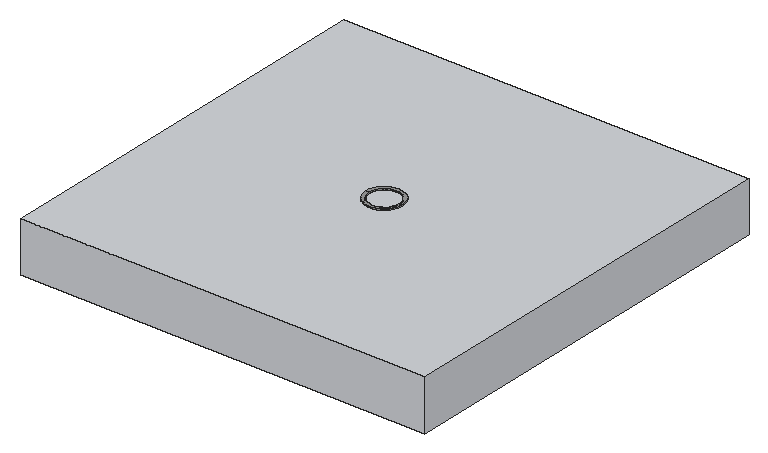
Revit family "LAMP_DOMO 220 G2 (DALI)", category Modelos genéricos, Revit 2015
Parameters (values of type "2054LM 3000")
  Weight = 1.51 kg
  Type = "MID POWER NICHIA"
  Recessed diameter = 153 mm
  Protection rating = "IP20"
  Product datasheet = "http://www.lamp.es/product-files/TECH/DO2RD20SY830DW-EN.pdf"
  Product code = "DO2RD20SY830DW"
  Product URL = "http://www.lamp.es/en/family/domo_33306"
  Power Supply = "120-240V 50-60Hz"
  Power = 21 W
  Plum = 23 W
  Photometric web file = Cuerpo Domo220 : 2054LM 3000
  Modelo = Product code  # "DO2RD20SY830DW"
  Manufacturer name = "LAMP"
  Manufacturer country = "Spain"
  Manufacturer URL = "http://www.lamp.es/en"
  MacAdam = "3"
  Luminaire type = "Indoor - Recessed Downlight"
  Last update = "30/06/2020"
  Lamp = "MID-POWER LED"
  LED Lifetime = "50.000 L90 B10"
  Insulation class = "II"
  Installation instructions = "http://www.lamp.es/product-files/INS/1003660-B-INSTR.%20DOMO%20G2.pdf"
  Initial intensity = 2054 lm
  Initial color = 3000 K
  IEE = "A+"
  Height = 103 mm
  Gear = "Adjustable DALI"
  Finish = "Matte white"
  Fabricante = Manufacturer name  # "LAMP"
  Default Elevation = 1219.2 mm
  Efficacy = 89.3 lm/W
  Diameter = 160 mm
  Descripción = "DOMO 220 G2 2000 WW DALI"
  CRI = "80"
Reference planes
  plane 1 "Centro (Frontal/Posterior)": y = 0
  plane 2: z = 0
  plane 3 "Centro (Izquierda/Derecha)": x = 0
Forms (mm)
  Extrusion 1, solid
    sketch origin (0, 0, 0) x (1, 0, 0) y (0, 1, 0)
      loop
        line (-1219.2, 1219.2) -> (-1219.2, -1219.2) -> (1219.2, -1219.2) -> (1219.2, 1219.2) -> (-1219.2, 1219.2)
    from 0 to -304.8
Text (mm)
  text "Any modification of the parameters and properties of the LAMP BIM models must be executed and validated by the LAMP technical department.\n\nPhone: +34 93 736 68 00\n\nE-mail: lamp@lamp.es\n\n\n\nLAMP reserves the right to modify the technical specifications of its products." at (14869.33, 17101.984, -15610.111), in view "Preview"
Dimensions and locks
  aligned and locked: plane 2 to Extrusion 1
  aligned and locked: level to Extrusion 1
Nested families
  nested 1: "Cuerpo Domo220" at (0, 0, 1523) x (1, 0, 0) z (0, 0, -1), type <- "Photometric web file", type "2054LM 3000"
Connectors
  electrical at (0, 0, -107)
    settings: on nested 1, index 1, voltage 230 V, apparent load 0 VA, apparent load phase1 0 VA, apparent load phase2 0 VA, apparent load phase3 0 VA, power factor 1, load classification "Otro", number of poles 1, system type 31, power factor state 1, is connector primary yes, connector utility no, sub classification motor no, connector description ""
Definition of nested family "Cuerpo Domo220"
  Parameters (values of type "2054LM 3000")
    Tilt Angle = 90.00°
    Wattage = 23 W
    built-in parameter 1150110 = 1 (stored number, unit not read)
    Material aro = none
    Material disipador = none
    Material cuerpo = none
    Material COB = none
    built-in parameter 1114217 = 1 (stored number, unit not read)
    built-in parameter 1150109 = 1 (stored number, unit not read)
    Default Elevation = 1219.2 mm
    Dist. luz = 20 mm
    Difusor transparente IP54 = no
    Difusor opal interior IP54 = no
    Difusor opal IP54 = no
    built-in parameter 1150134 = (empty or 0)
    built-in parameter 1150113 = 1 (stored number, unit not read)
    Lumens = 2053.9 lm
    built-in parameter 1150115 = 1 (stored number, unit not read)
    built-in parameter 1150105 = 1561.4 (stored number, unit not read)
    built-in parameter 1150137 = (empty or 0)
    built-in parameter 1150139 = (empty or 0)
    built-in parameter 1150112 = 1 (stored number, unit not read)
    built-in parameter 1150114 = 1 (stored number, unit not read)
    built-in parameter 1150132 = 2
    built-in parameter 1150102 = (empty or 0)
    built-in parameter 1150138 = (empty or 0)
    built-in parameter 1150107 = 3000 (stored number, unit not read)
    built-in parameter 1150106 = 15.614 (stored number, unit not read)
    built-in parameter 1150104 = 8.2962 (stored number, unit not read)
    Dimming Lamp Color Temperature Shift = (empty or 0)
    Color Filter = 16777215
    built-in parameter 1114218 = 1 (stored number, unit not read)
    Photometric Web File = "10041000.IES"
    built-in parameter 1150133 = 10 (stored number, unit not read)
  Types (25, lengths in mm): name | Wattage | Difusor transparente IP54 | Difusor opal interior IP54 | Difusor opal IP54 | built-in parameter 1150134 | Lumens | built-in parameter 1150105 | built-in parameter 1150107 | built-in parameter 1150106 | built-in parameter 1150104 | Photometric Web File
    (no name) | 23 W | no | no | no | (empty or 0) | 2053.9 lm | 1561.4 (stored number, unit not read) | 3000 (stored number, unit not read) | 15.614 (stored number, unit not read) | 8.2962 (stored number, unit not read) | "10041000.IES"
    2054LM 3000 | 23 W | no | no | no | (empty or 0) | 2053.9 lm | 1561.4 (stored number, unit not read) | 3000 (stored number, unit not read) | 15.614 (stored number, unit not read) | 8.2962 (stored number, unit not read) | "10041000.IES"
    2136LM 4000 | 23 W | no | no | no | 12 | 2136.01 lm | 1623.8 (stored number, unit not read) | 4000 (stored number, unit not read) | 16.238 (stored number, unit not read) | 8.6279 (stored number, unit not read) | "10041010.IES"
    2825LM 3000 | 32 W | no | no | no | (empty or 0) | 2825.6 lm | 2148 (stored number, unit not read) | 3000 (stored number, unit not read) | 21.48 (stored number, unit not read) | 8.2033 (stored number, unit not read) | "10041020.IES"
    2938LM 4000 | 32 W | no | no | no | 12 | 2937.6 lm | 2265.1 (stored number, unit not read) | 4000 (stored number, unit not read) | 22.651 (stored number, unit not read) | 8.5285 (stored number, unit not read) | "10041030.IES"
    3665LM 3000 | 40.5 W | no | no | no | (empty or 0) | 3665.25 lm | 2826.2 (stored number, unit not read) | 3000 (stored number, unit not read) | 28.262 (stored number, unit not read) | 8.4077 (stored number, unit not read) | "10041040.IES"
    3812LM 4000 | 40.5 W | no | no | no | 12 | 3811.05 lm | 2926.2 (stored number, unit not read) | 4000 (stored number, unit not read) | 29.262 (stored number, unit not read) | 8.7422 (stored number, unit not read) | "10041050.IES"
    1597LM 3000 OPAL GLASS ACC | 23 W | no | no | yes | (empty or 0) | 1596.2 lm | 958.72 (stored number, unit not read) | 3000 (stored number, unit not read) | 9.5872 (stored number, unit not read) | 6.4475 (stored number, unit not read) | "10041000+8606120.IES"
    1484LM 3000 INT OPAL GLASS ACC | 23 W | no | yes | no | (empty or 0) | 1483.5 lm | 891.03 (stored number, unit not read) | 3000 (stored number, unit not read) | 8.9103 (stored number, unit not read) | 5.9922 (stored number, unit not read) | "10041000+8606130.IES"
    1815LM 3000 GLASS ACC | 23 W | yes | no | no | (empty or 0) | 1814.7 lm | 1156 (stored number, unit not read) | 3000 (stored number, unit not read) | 11.56 (stored number, unit not read) | 7.33 (stored number, unit not read) | "10041000+8606140.IES"
    1661LM 4000 OPAL GLASS ACC | 23 W | no | no | yes | 12 | 1660.6 lm | 1183.3 (stored number, unit not read) | 4000 (stored number, unit not read) | 11.833 (stored number, unit not read) | 6.7076 (stored number, unit not read) | "10041010+8606120.IES"
    1544LM 4000 INT OPAL GLASS ACC | 23 W | no | yes | no | 12 | 1543.3 lm | 927 (stored number, unit not read) | 4000 (stored number, unit not read) | 9.27 (stored number, unit not read) | 6.2338 (stored number, unit not read) | "10041010+8606130.IES"
    1888LM 4000 GLASS ACC | 23 W | yes | no | no | 12 | 1888.3 lm | 1202.9 (stored number, unit not read) | 4000 (stored number, unit not read) | 12.029 (stored number, unit not read) | 7.6273 (stored number, unit not read) | "10041010+8606140.IES"
    2196LM 3000 OPAL GLASS ACC | 33 W | no | no | yes | (empty or 0) | 2194.5 lm | 1563.7 (stored number, unit not read) | 3000 (stored number, unit not read) | 15.637 (stored number, unit not read) | 6.1781 (stored number, unit not read) | "10041020+8606120.IES"
    2042LM 3000 INT OPAL GLASS ACC | 33 W | no | yes | no | (empty or 0) | 2042.37 lm | 1251.5 (stored number, unit not read) | 3000 (stored number, unit not read) | 12.515 (stored number, unit not read) | 5.7498 (stored number, unit not read) | "10041020+8606130.IES"
    2497LM 3000 GLASS ACC | 33 W | yes | no | no | (empty or 0) | 2498.1 lm | 1.9574 (stored number, unit not read) | 3000 (stored number, unit not read) | 0.019574 (stored number, unit not read) | 7.0328 (stored number, unit not read) | "10041020+8606140.IES"
    2284LM 4000 OPAL GLASS ACC | 33 W | no | no | yes | 12 | 2283.6 lm | 1.8291 (stored number, unit not read) | 4000 (stored number, unit not read) | 0.018291 (stored number, unit not read) | 6.4289 (stored number, unit not read) | "10041030+8606120.IES"
    2123LM 4000 INT OPAL GLASS ACC | 33 W | no | yes | no | 12 | 2121.9 lm | 1.6723 (stored number, unit not read) | 4000 (stored number, unit not read) | 0.016723 (stored number, unit not read) | 5.9737 (stored number, unit not read) | "10041030+8606130.IES"
    2597LM 4000 GLASS ACC | 33 W | yes | no | no | 12 | 2597.1 lm | 1.835 (stored number, unit not read) | 4000 (stored number, unit not read) | 0.01835 (stored number, unit not read) | 7.3115 (stored number, unit not read) | "10041030+8606140.IES"
    2849LM 3000 OPAL GLASS ACC | 42 W | no | no | yes | (empty or 0) | 2847.6 lm | 1710.4 (stored number, unit not read) | 3000 (stored number, unit not read) | 17.104 (stored number, unit not read) | 6.2988 (stored number, unit not read) | "10041040+8606120.IES"
    2648LM 3000 INT OPAL GLASS ACC | 42 W | no | yes | no | (empty or 0) | 2650.2 lm | 1688.2 (stored number, unit not read) | 3000 (stored number, unit not read) | 16.882 (stored number, unit not read) | 5.8622 (stored number, unit not read) | "10041040+8606130.IES"
    3239LM 3000 GLASS ACC | 42 W | yes | no | no | (empty or 0) | 3238.2 lm | 2062.8 (stored number, unit not read) | 3000 (stored number, unit not read) | 20.628 (stored number, unit not read) | 7.1628 (stored number, unit not read) | "10041040+8606140.IES"
    2963LM 4000 OPAL GLASS ACC | 42 W | no | no | yes | 12 | 2961 lm | 2109.9 (stored number, unit not read) | 4000 (stored number, unit not read) | 21.099 (stored number, unit not read) | 6.5497 (stored number, unit not read) | "10041050+8606120.IES"
    2754LM 4000 INT OPAL GLASS ACC | 42 W | no | yes | no | 12 | 2755.2 lm | 1654.9 (stored number, unit not read) | 4000 (stored number, unit not read) | 16.549 (stored number, unit not read) | 6.0944 (stored number, unit not read) | "10041050+8606130.IES"
    3369LM 4000 GLASS ACC | 42 W | yes | no | no | 12 | 3368.4 lm | 2145.8 (stored number, unit not read) | 4000 (stored number, unit not read) | 21.458 (stored number, unit not read) | 7.4508 (stored number, unit not read) | "10041050+8606140.IES"
  Reference planes
    plane 1 "Eje de origen de luz (F/P)": y = 0
    plane 2: z = 0
    plane 3 "Eje de origen de luz (I/D)": x = 0
    plane 4 "Elevación de origen de luz": z = 1500
    plane 5: z = 1520
  Forms (mm)
    Revolve 1, solid, material <- "Material aro"
      sketch origin (0, 0, 0) x (1, 0, 0) y (0, 0, 1)
        loop
          line (110, 1520) -> (110, 1523) -> (92.4, 1523) -> (89.4, 1523) -> (89.4, 1520) -> (110, 1520)
        axis (0, 1523) -> (0, 1520)
      angle from 0 to 360
    Revolve 2, solid, material <- "Material aro"
      sketch origin (0, 0, 0) x (1, 0, 0) y (0, 0, 1)
        loop
          line (89.4, 1523) -> (91.4, 1523) -> (65, 1613.8) -> (64, 1613.8) -> (63, 1613.8) -> (89.4, 1523)
        axis (0, 1613.8) -> (0, 1523)
      angle from 0 to 360
    Extrusion 3, solid
      sketch origin (0, 0, 0) x (1, 0, 0) y (0, 1, 0)
        loop
          circle (0, 0) r 63
        loop
          circle (0, 17) r 8.5
        loop
          circle (14.722, -8.5) r 8.5
        loop
          circle (-14.722, -8.5) r 8.5
        loop
          circle (-39, 0) r 8.5
        loop
          circle (-19.5, 33.775) r 8.5
        loop
          circle (39, 0) r 8.5
        loop
          circle (19.5, 33.775) r 8.5
        loop
          circle (-19.5, -33.775) r 8.5
        loop
          circle (19.5, -33.775) r 8.5
      from 1613.8 to 1614.8
    Blend 4, void
      base sketch origin (0, 0, 1500) x (0, -1, 0) y (1, 0, 0)
        loop
          circle (-33.775, -19.5) r 10
      top sketch origin (0, 0, 1500) x (0, -1, 0) y (1, 0, 0)
        loop
          circle (-33.775, -19.5) r 8.5
      from 113.8 to 114.8
    Blend 5, void
      base sketch origin (39, 0, 1500) x (0, -1, 0) y (1, 0, 0)
        loop
          circle (-33.775, -19.5) r 10
      top sketch origin (39, 0, 1500) x (0, -1, 0) y (1, 0, 0)
        loop
          circle (-33.775, -19.5) r 8.5
      from 113.8 to 114.8
    Blend 6, void
      base sketch origin (19.5, -16.775, 1500) x (0, -1, 0) y (1, 0, 0)
        loop
          circle (-33.775, -19.5) r 10
      top sketch origin (19.5, -16.775, 1500) x (0, -1, 0) y (1, 0, 0)
        loop
          circle (-33.775, -19.5) r 8.5
      from 113.8 to 114.8
    Blend 7, void
      base sketch origin (-19.5, -33.775, 1500) x (0, -1, 0) y (1, 0, 0)
        loop
          circle (-33.775, -19.5) r 10
      top sketch origin (-19.5, -33.775, 1500) x (0, -1, 0) y (1, 0, 0)
        loop
          circle (-33.775, -19.5) r 8.5
      from 113.8 to 114.8
    Blend 8, void
      base sketch origin (4.778, -42.275, 1500) x (0, -1, 0) y (1, 0, 0)
        loop
          circle (-33.775, -19.5) r 10
      top sketch origin (4.778, -42.275, 1500) x (0, -1, 0) y (1, 0, 0)
        loop
          circle (-33.775, -19.5) r 8.5
      from 113.8 to 114.8
    Blend 9, void
      base sketch origin (34.222, -42.275, 1500) x (0, -1, 0) y (1, 0, 0)
        loop
          circle (-33.775, -19.5) r 10
      top sketch origin (34.222, -42.275, 1500) x (0, -1, 0) y (1, 0, 0)
        loop
          circle (-33.775, -19.5) r 8.5
      from 113.8 to 114.8
    Blend 10, void
      base sketch origin (58.5, -33.775, 1500) x (0, -1, 0) y (1, 0, 0)
        loop
          circle (-33.775, -19.5) r 10
      top sketch origin (58.5, -33.775, 1500) x (0, -1, 0) y (1, 0, 0)
        loop
          circle (-33.775, -19.5) r 8.5
      from 113.8 to 114.8
    Blend 11, void
      base sketch origin (39, -67.55, 1500) x (0, -1, 0) y (1, 0, 0)
        loop
          circle (-33.775, -19.5) r 10
      top sketch origin (39, -67.55, 1500) x (0, -1, 0) y (1, 0, 0)
        loop
          circle (-33.775, -19.5) r 8.5
      from 113.8 to 114.8
    Blend 12, void
      base sketch origin (0, -67.55, 1500) x (0, -1, 0) y (1, 0, 0)
        loop
          circle (-33.775, -19.5) r 10
      top sketch origin (0, -67.55, 1500) x (0, -1, 0) y (1, 0, 0)
        loop
          circle (-33.775, -19.5) r 8.5
      from 113.8 to 114.8
    Extrusion 13, solid
      sketch origin (0, 0, 1500) x (0, -1, 0) y (1, 0, 0)
        loop
          circle (0, 0) r 63
      from 114.8 to 115.8
    Extrusion 14, solid, material <- "Material COB"
      sketch origin (0, 0, 1500) x (0, -1, 0) y (1, 0, 0)
        loop
          line (-35.275, -21) -> (-32.275, -21) -> (-32.275, -18) -> (-35.275, -18) -> (-35.275, -21)
        loop
          line (-40.425, -21) -> (-37.425, -21) -> (-37.425, -18) -> (-40.425, -18) -> (-40.425, -21)
        loop
          line (-27.125, -21) -> (-27.125, -18) -> (-30.125, -18) -> (-30.125, -21) -> (-27.125, -21)
        loop
          line (-35.275, -15.85) -> (-32.275, -15.85) -> (-32.275, -12.85) -> (-35.275, -12.85) -> (-35.275, -15.85)
        loop
          line (-35.275, -23.15) -> (-35.275, -26.15) -> (-32.275, -26.15) -> (-32.275, -23.15) -> (-35.275, -23.15)
        loop
          line (-35.275, 21) -> (-35.275, 18) -> (-32.275, 18) -> (-32.275, 21) -> (-35.275, 21)
        loop
          line (-40.425, 21) -> (-40.425, 18) -> (-37.425, 18) -> (-37.425, 21) -> (-40.425, 21)
        loop
          line (-27.125, 21) -> (-30.125, 21) -> (-30.125, 18) -> (-27.125, 18) -> (-27.125, 21)
        loop
          line (-35.275, 15.85) -> (-35.275, 12.85) -> (-32.275, 12.85) -> (-32.275, 15.85) -> (-35.275, 15.85)
        loop
          line (-35.275, 23.15) -> (-32.275, 23.15) -> (-32.275, 26.15) -> (-35.275, 26.15) -> (-35.275, 23.15)
        loop
          line (35.275, -21) -> (35.275, -18) -> (32.275, -18) -> (32.275, -21) -> (35.275, -21)
        loop
          line (40.425, -21) -> (40.425, -18) -> (37.425, -18) -> (37.425, -21) -> (40.425, -21)
        loop
          line (27.125, -21) -> (30.125, -21) -> (30.125, -18) -> (27.125, -18) -> (27.125, -21)
        loop
          line (35.275, -15.85) -> (35.275, -12.85) -> (32.275, -12.85) -> (32.275, -15.85) -> (35.275, -15.85)
        loop
          line (35.275, -23.15) -> (32.275, -23.15) -> (32.275, -26.15) -> (35.275, -26.15) -> (35.275, -23.15)
        loop
          line (35.275, 21) -> (32.275, 21) -> (32.275, 18) -> (35.275, 18) -> (35.275, 21)
        loop
          line (40.425, 21) -> (37.425, 21) -> (37.425, 18) -> (40.425, 18) -> (40.425, 21)
        loop
          line (27.125, 21) -> (27.125, 18) -> (30.125, 18) -> (30.125, 21) -> (27.125, 21)
        loop
          line (35.275, 15.85) -> (32.275, 15.85) -> (32.275, 12.85) -> (35.275, 12.85) -> (35.275, 15.85)
        loop
          line (35.275, 23.15) -> (35.275, 26.15) -> (32.275, 26.15) -> (32.275, 23.15) -> (35.275, 23.15)
        loop
          line (-1.5, -40.5) -> (1.5, -40.5) -> (1.5, -37.5) -> (-1.5, -37.5) -> (-1.5, -40.5)
        loop
          line (-6.65, -40.5) -> (-3.65, -40.5) -> (-3.65, -37.5) -> (-6.65, -37.5) -> (-6.65, -40.5)
        loop
          line (6.65, -40.5) -> (6.65, -37.5) -> (3.65, -37.5) -> (3.65, -40.5) -> (6.65, -40.5)
        loop
          line (-1.5, -35.35) -> (1.5, -35.35) -> (1.5, -32.35) -> (-1.5, -32.35) -> (-1.5, -35.35)
        loop
          line (-1.5, -42.65) -> (-1.5, -45.65) -> (1.5, -45.65) -> (1.5, -42.65) -> (-1.5, -42.65)
        loop
          line (-18.5, -1.5) -> (-15.5, -1.5) -> (-15.5, 1.5) -> (-18.5, 1.5) -> (-18.5, -1.5)
        loop
          line (-23.65, -1.5) -> (-20.65, -1.5) -> (-20.65, 1.5) -> (-23.65, 1.5) -> (-23.65, -1.5)
        loop
          line (-10.35, -1.5) -> (-10.35, 1.5) -> (-13.35, 1.5) -> (-13.35, -1.5) -> (-10.35, -1.5)
        loop
          line (-18.5, 3.65) -> (-15.5, 3.65) -> (-15.5, 6.65) -> (-18.5, 6.65) -> (-18.5, 3.65)
        loop
          line (-18.5, -3.65) -> (-18.5, -6.65) -> (-15.5, -6.65) -> (-15.5, -3.65) -> (-18.5, -3.65)
        loop
          line (7, -16.222) -> (10, -16.222) -> (10, -13.222) -> (7, -13.222) -> (7, -16.222)
        loop
          line (1.85, -16.222) -> (4.85, -16.222) -> (4.85, -13.222) -> (1.85, -13.222) -> (1.85, -16.222)
        loop
          line (15.15, -16.222) -> (15.15, -13.222) -> (12.15, -13.222) -> (12.15, -16.222) -> (15.15, -16.222)
        loop
          line (7, -11.072) -> (10, -11.072) -> (10, -8.072) -> (7, -8.072) -> (7, -11.072)
        loop
          line (7, -18.372) -> (7, -21.372) -> (10, -21.372) -> (10, -18.372) -> (7, -18.372)
        loop
          line (7, 13.222) -> (10, 13.222) -> (10, 16.222) -> (7, 16.222) -> (7, 13.222)
        loop
          line (1.85, 13.222) -> (4.85, 13.222) -> (4.85, 16.222) -> (1.85, 16.222) -> (1.85, 13.222)
        loop
          line (15.15, 13.222) -> (15.15, 16.222) -> (12.15, 16.222) -> (12.15, 13.222) -> (15.15, 13.222)
        loop
          line (7, 18.372) -> (10, 18.372) -> (10, 21.372) -> (7, 21.372) -> (7, 18.372)
        loop
          line (7, 11.072) -> (7, 8.072) -> (10, 8.072) -> (10, 11.072) -> (7, 11.072)
        loop
          line (-1.5, 37.5) -> (1.5, 37.5) -> (1.5, 40.5) -> (-1.5, 40.5) -> (-1.5, 37.5)
        loop
          line (-6.65, 37.5) -> (-3.65, 37.5) -> (-3.65, 40.5) -> (-6.65, 40.5) -> (-6.65, 37.5)
        loop
          line (6.65, 37.5) -> (6.65, 40.5) -> (3.65, 40.5) -> (3.65, 37.5) -> (6.65, 37.5)
        loop
          line (-1.5, 42.65) -> (1.5, 42.65) -> (1.5, 45.65) -> (-1.5, 45.65) -> (-1.5, 42.65)
        loop
          line (-1.5, 35.35) -> (-1.5, 32.35) -> (1.5, 32.35) -> (1.5, 35.35) -> (-1.5, 35.35)
      from 113.8 to 114.8
    Extrusion 15, solid, material <- "Material disipador"
      sketch origin (0, 0, 1500) x (0, -1, 0) y (1, 0, 0)
        loop
          circle (0, 0) r 69.1
      from 115.8 to 130
    Extrusion 16, solid, material <- "Material disipador"
      sketch origin (-668.047, -5000, 1520) x (-1, 0, 0) y (0, -1, 0)
        loop
          arc (-649.944, -5009.618) -> (-653.552, -5014.496) -> (-658.429, -5018.104) r 20.5
          line (-658.429, -5018.104) -> (-656.224, -5020.309)
          arc (-656.224, -5020.309) -> (-651.43, -5016.617) -> (-647.739, -5011.824) r 23.5
          line (-647.739, -5011.824) -> (-649.944, -5009.618)
        loop
          line (-662.047, -5022.721) -> (-662.047, -5019.602)
          arc (-662.047, -5019.602) -> (-668.047, -5020.5) -> (-674.047, -5019.602) r 20.5
          line (-674.047, -5019.602) -> (-674.047, -5022.721)
          arc (-674.047, -5022.721) -> (-668.047, -5023.5) -> (-662.047, -5022.721) r 23.5
        loop
          line (-686.151, -5009.618) -> (-688.356, -5011.824)
          arc (-688.356, -5011.824) -> (-684.664, -5016.617) -> (-679.871, -5020.309) r 23.5
          line (-679.871, -5020.309) -> (-677.666, -5018.104)
          arc (-677.666, -5018.104) -> (-682.543, -5014.496) -> (-686.151, -5009.618) r 20.5
        loop
          arc (-631.36, -5018.303) -> (-639.056, -5028.991) -> (-649.744, -5036.688) r 41
          line (-649.744, -5036.688) -> (-645.302, -5041.13)
          arc (-645.302, -5041.13) -> (-634.813, -5033.234) -> (-626.918, -5022.745) r 47
          line (-626.918, -5022.745) -> (-631.36, -5018.303)
        loop
          line (-655.047, -5045.166) -> (-655.047, -5038.884)
          arc (-655.047, -5038.884) -> (-668.047, -5041) -> (-681.047, -5038.884) r 41
          line (-681.047, -5038.884) -> (-681.047, -5045.166)
          arc (-681.047, -5045.166) -> (-668.047, -5047) -> (-655.047, -5045.166) r 47
        loop
          line (-704.735, -5018.303) -> (-709.177, -5022.745)
          arc (-709.177, -5022.745) -> (-701.281, -5033.234) -> (-690.792, -5041.13) r 47
          line (-690.792, -5041.13) -> (-686.351, -5036.688)
          arc (-686.351, -5036.688) -> (-697.039, -5028.991) -> (-704.735, -5018.303) r 41
        loop
          arc (-639.965, -5012.527) -> (-646.304, -5021.744) -> (-655.521, -5028.083) r 30.75
          line (-655.521, -5028.083) -> (-652.145, -5031.459)
          arc (-652.145, -5031.459) -> (-643.122, -5024.926) -> (-636.588, -5015.903) r 35.25
          line (-636.588, -5015.903) -> (-639.965, -5012.527)
        loop
          line (-657.047, -5033.49) -> (-657.047, -5028.715)
          arc (-657.047, -5028.715) -> (-668.047, -5030.75) -> (-679.047, -5028.715) r 30.75
          line (-679.047, -5028.715) -> (-679.047, -5033.49)
          arc (-679.047, -5033.49) -> (-668.047, -5035.25) -> (-657.047, -5033.49) r 35.25
        loop
          line (-696.13, -5012.527) -> (-699.506, -5015.903)
          arc (-699.506, -5015.903) -> (-692.973, -5024.926) -> (-683.95, -5031.459) r 35.25
          line (-683.95, -5031.459) -> (-680.574, -5028.083)
          arc (-680.574, -5028.083) -> (-689.791, -5021.744) -> (-696.13, -5012.527) r 30.75
        loop
          arc (-622.789, -5024.046) -> (-631.808, -5036.239) -> (-644.002, -5045.259) r 51.25
          line (-644.002, -5045.259) -> (-638.488, -5050.772)
          arc (-638.488, -5050.772) -> (-626.505, -5041.543) -> (-617.275, -5029.559) r 58.75
          line (-617.275, -5029.559) -> (-622.789, -5024.046)
        loop
          line (-653.047, -5056.803) -> (-653.047, -5049.006)
          arc (-653.047, -5049.006) -> (-668.047, -5051.25) -> (-683.047, -5049.006) r 51.25
          line (-683.047, -5049.006) -> (-683.047, -5056.803)
          arc (-683.047, -5056.803) -> (-668.047, -5058.75) -> (-653.047, -5056.803) r 58.75
        loop
          line (-713.306, -5024.046) -> (-718.82, -5029.559)
          arc (-718.82, -5029.559) -> (-709.59, -5041.543) -> (-697.607, -5050.772) r 58.75
          line (-697.607, -5050.772) -> (-692.093, -5045.259)
          arc (-692.093, -5045.259) -> (-704.287, -5036.239) -> (-713.306, -5024.046) r 51.25
        loop
          arc (-645.326, -5006) -> (-644.547, -5000) -> (-645.326, -4994) r 23.5
          line (-645.326, -4994) -> (-648.445, -4994)
          arc (-648.445, -4994) -> (-647.547, -5000) -> (-648.445, -5006) r 20.5
          line (-648.445, -5006) -> (-645.326, -5006)
        loop
          arc (-622.881, -5013) -> (-621.047, -5000) -> (-622.881, -4987) r 47
          line (-622.881, -4987) -> (-629.163, -4987)
          arc (-629.163, -4987) -> (-627.047, -5000) -> (-629.163, -5013) r 41
          line (-629.163, -5013) -> (-622.881, -5013)
        loop
          arc (-634.558, -5011) -> (-632.797, -5000) -> (-634.558, -4989) r 35.25
          line (-634.558, -4989) -> (-639.332, -4989)
          arc (-639.332, -4989) -> (-637.297, -5000) -> (-639.332, -5011) r 30.75
          line (-639.332, -5011) -> (-634.558, -5011)
        loop
          arc (-611.245, -5015) -> (-609.297, -5000) -> (-611.245, -4985) r 58.75
          line (-611.245, -4985) -> (-619.042, -4985)
          arc (-619.042, -4985) -> (-616.797, -5000) -> (-619.042, -5015) r 51.25
          line (-619.042, -5015) -> (-611.245, -5015)
        loop
          line (-649.944, -4990.382) -> (-647.739, -4988.176)
          arc (-647.739, -4988.176) -> (-651.43, -4983.383) -> (-656.224, -4979.691) r 23.5
          line (-656.224, -4979.691) -> (-658.429, -4981.896)
          arc (-658.429, -4981.896) -> (-653.552, -4985.504) -> (-649.944, -4990.382) r 20.5
        loop
          arc (-662.047, -4977.279) -> (-668.047, -4976.5) -> (-674.047, -4977.279) r 23.5
          line (-674.047, -4977.279) -> (-674.047, -4980.398)
          arc (-674.047, -4980.398) -> (-668.047, -4979.5) -> (-662.047, -4980.398) r 20.5
          line (-662.047, -4980.398) -> (-662.047, -4977.279)
        loop
          arc (-686.151, -4990.382) -> (-682.543, -4985.504) -> (-677.666, -4981.896) r 20.5
          line (-677.666, -4981.896) -> (-679.871, -4979.691)
          arc (-679.871, -4979.691) -> (-684.664, -4983.383) -> (-688.356, -4988.176) r 23.5
          line (-688.356, -4988.176) -> (-686.151, -4990.382)
        loop
          line (-631.36, -4981.697) -> (-626.918, -4977.255)
          arc (-626.918, -4977.255) -> (-634.813, -4966.766) -> (-645.302, -4958.87) r 47
          line (-645.302, -4958.87) -> (-649.744, -4963.312)
          arc (-649.744, -4963.312) -> (-639.056, -4971.009) -> (-631.36, -4981.697) r 41
        loop
          arc (-655.047, -4954.834) -> (-668.047, -4953) -> (-681.047, -4954.834) r 47
          line (-681.047, -4954.834) -> (-681.047, -4961.116)
          arc (-681.047, -4961.116) -> (-668.047, -4959) -> (-655.047, -4961.116) r 41
          line (-655.047, -4961.116) -> (-655.047, -4954.834)
        loop
          arc (-704.735, -4981.697) -> (-697.039, -4971.009) -> (-686.351, -4963.312) r 41
          line (-686.351, -4963.312) -> (-690.792, -4958.87)
          arc (-690.792, -4958.87) -> (-701.281, -4966.766) -> (-709.177, -4977.255) r 47
          line (-709.177, -4977.255) -> (-704.735, -4981.697)
        loop
          line (-639.965, -4987.473) -> (-636.588, -4984.097)
          arc (-636.588, -4984.097) -> (-643.122, -4975.074) -> (-652.145, -4968.541) r 35.25
          line (-652.145, -4968.541) -> (-655.521, -4971.917)
          arc (-655.521, -4971.917) -> (-646.304, -4978.256) -> (-639.965, -4987.473) r 30.75
        loop
          arc (-657.047, -4966.51) -> (-668.047, -4964.75) -> (-679.047, -4966.51) r 35.25
          line (-679.047, -4966.51) -> (-679.047, -4971.285)
          arc (-679.047, -4971.285) -> (-668.047, -4969.25) -> (-657.047, -4971.285) r 30.75
          line (-657.047, -4971.285) -> (-657.047, -4966.51)
        loop
          arc (-696.13, -4987.473) -> (-689.791, -4978.256) -> (-680.574, -4971.917) r 30.75
          line (-680.574, -4971.917) -> (-683.95, -4968.541)
          arc (-683.95, -4968.541) -> (-692.973, -4975.074) -> (-699.506, -4984.097) r 35.25
          line (-699.506, -4984.097) -> (-696.13, -4987.473)
        loop
          line (-622.789, -4975.954) -> (-617.275, -4970.441)
          arc (-617.275, -4970.441) -> (-626.505, -4958.457) -> (-638.488, -4949.228) r 58.75
          line (-638.488, -4949.228) -> (-644.002, -4954.741)
          arc (-644.002, -4954.741) -> (-631.808, -4963.761) -> (-622.789, -4975.954) r 51.25
        loop
          arc (-653.047, -4943.197) -> (-668.047, -4941.25) -> (-683.047, -4943.197) r 58.75
          line (-683.047, -4943.197) -> (-683.047, -4950.994)
          arc (-683.047, -4950.994) -> (-668.047, -4948.75) -> (-653.047, -4950.994) r 51.25
          line (-653.047, -4950.994) -> (-653.047, -4943.197)
        loop
          arc (-713.306, -4975.954) -> (-704.287, -4963.761) -> (-692.093, -4954.741) r 51.25
          line (-692.093, -4954.741) -> (-697.607, -4949.228)
          arc (-697.607, -4949.228) -> (-709.59, -4958.457) -> (-718.82, -4970.441) r 58.75
          line (-718.82, -4970.441) -> (-713.306, -4975.954)
        loop
          line (-690.769, -5006) -> (-687.65, -5006)
          arc (-687.65, -5006) -> (-688.547, -5000) -> (-687.65, -4994) r 20.5
          line (-687.65, -4994) -> (-690.769, -4994)
          arc (-690.769, -4994) -> (-691.547, -5000) -> (-690.769, -5006) r 23.5
        loop
          line (-713.214, -5013) -> (-706.932, -5013)
          arc (-706.932, -5013) -> (-709.047, -5000) -> (-706.932, -4987) r 41
          line (-706.932, -4987) -> (-713.214, -4987)
          arc (-713.214, -4987) -> (-715.047, -5000) -> (-713.214, -5013) r 47
        loop
          line (-701.537, -5011) -> (-696.763, -5011)
          arc (-696.763, -5011) -> (-698.797, -5000) -> (-696.763, -4989) r 30.75
          line (-696.763, -4989) -> (-701.537, -4989)
          arc (-701.537, -4989) -> (-703.297, -5000) -> (-701.537, -5011) r 35.25
        loop
          line (-724.85, -5015) -> (-717.053, -5015)
          arc (-717.053, -5015) -> (-719.297, -5000) -> (-717.053, -4985) r 51.25
          line (-717.053, -4985) -> (-724.85, -4985)
          arc (-724.85, -4985) -> (-726.797, -5000) -> (-724.85, -5015) r 58.75
      from 110 to 150
    Extrusion 17, solid, material <- "Material disipador"
      sketch origin (0, 0, 1500) x (0, -1, 0) y (1, 0, 0)
        loop
          line (-11.746, 2) -> (-30.685, 2)
          arc (-30.685, 2) -> (-30.75, 0) -> (-30.685, -2) r 30.75
          line (-30.685, -2) -> (-11.746, -2)
          arc (-11.746, -2) -> (-12, 0) -> (-11.746, 2) r 8
        loop
          line (-35.193, 2) -> (-40.951, 2)
          arc (-40.951, 2) -> (-41, 0) -> (-40.951, -2) r 41
          line (-40.951, -2) -> (-35.193, -2)
          arc (-35.193, -2) -> (-35.25, 0) -> (-35.193, 2) r 35.25
        loop
          line (-46.957, 2) -> (-51.211, 2)
          arc (-51.211, 2) -> (-51.25, 0) -> (-51.211, -2) r 51.25
          line (-51.211, -2) -> (-46.957, -2)
          arc (-46.957, -2) -> (-47, 0) -> (-46.957, 2) r 47
        loop
          line (-58.716, 2) -> (-62.968, 2)
          arc (-62.968, 2) -> (-63, 0) -> (-62.968, -2) r 63
          line (-62.968, -2) -> (-58.716, -2)
          arc (-58.716, -2) -> (-58.75, 0) -> (-58.716, 2) r 58.75
        loop
          arc (11.746, 2) -> (12, 0) -> (11.746, -2) r 8
          line (11.746, -2) -> (30.685, -2)
          arc (30.685, -2) -> (30.75, 0) -> (30.685, 2) r 30.75
          line (30.685, 2) -> (11.746, 2)
        loop
          arc (35.193, 2) -> (35.25, 0) -> (35.193, -2) r 35.25
          line (35.193, -2) -> (40.951, -2)
          arc (40.951, -2) -> (41, 0) -> (40.951, 2) r 41
          line (40.951, 2) -> (35.193, 2)
        loop
          arc (46.957, 2) -> (47, 0) -> (46.957, -2) r 47
          line (46.957, -2) -> (51.211, -2)
          arc (51.211, -2) -> (51.25, 0) -> (51.211, 2) r 51.25
          line (51.211, 2) -> (46.957, 2)
        loop
          arc (58.716, 2) -> (58.75, 0) -> (58.716, -2) r 58.75
          line (58.716, -2) -> (62.968, -2)
          arc (62.968, -2) -> (63, 0) -> (62.968, 2) r 63
          line (62.968, 2) -> (58.716, 2)
        loop
          line (-6.891, 9.72) -> (-20.283, 23.112)
          arc (-20.283, 23.112) -> (-21.744, 21.744) -> (-23.112, 20.283) r 30.75
          line (-23.112, 20.283) -> (-9.72, 6.891)
          arc (-9.72, 6.891) -> (-8.485, 8.485) -> (-6.891, 9.72) r 8
        loop
          line (-23.471, 26.3) -> (-27.543, 30.371)
          arc (-27.543, 30.371) -> (-28.991, 28.991) -> (-30.371, 27.543) r 41
          line (-30.371, 27.543) -> (-26.3, 23.471)
          arc (-26.3, 23.471) -> (-24.926, 24.926) -> (-23.471, 26.3) r 35.25
        loop
          line (-31.79, 34.618) -> (-34.797, 37.626)
          arc (-34.797, 37.626) -> (-36.239, 36.239) -> (-37.626, 34.797) r 51.25
          line (-37.626, 34.797) -> (-34.618, 31.79)
          arc (-34.618, 31.79) -> (-33.234, 33.234) -> (-31.79, 34.618) r 47
        loop
          line (-40.104, 42.933) -> (-43.111, 45.939)
          arc (-43.111, 45.939) -> (-44.548, 44.548) -> (-45.939, 43.111) r 63
          line (-45.939, 43.111) -> (-42.933, 40.104)
          arc (-42.933, 40.104) -> (-41.543, 41.543) -> (-40.104, 42.933) r 58.75
        loop
          arc (9.72, -6.891) -> (8.485, -8.485) -> (6.891, -9.72) r 8
          line (6.891, -9.72) -> (20.283, -23.112)
          arc (20.283, -23.112) -> (21.744, -21.744) -> (23.112, -20.283) r 30.75
          line (23.112, -20.283) -> (9.72, -6.891)
        loop
          arc (26.3, -23.471) -> (24.926, -24.926) -> (23.471, -26.3) r 35.25
          line (23.471, -26.3) -> (27.543, -30.371)
          arc (27.543, -30.371) -> (28.991, -28.991) -> (30.371, -27.543) r 41
          line (30.371, -27.543) -> (26.3, -23.471)
        loop
          arc (34.618, -31.79) -> (33.234, -33.234) -> (31.79, -34.618) r 47
          line (31.79, -34.618) -> (34.797, -37.626)
          arc (34.797, -37.626) -> (36.239, -36.239) -> (37.626, -34.797) r 51.25
          line (37.626, -34.797) -> (34.618, -31.79)
        loop
          arc (42.933, -40.104) -> (41.543, -41.543) -> (40.104, -42.933) r 58.75
          line (40.104, -42.933) -> (43.111, -45.939)
          arc (43.111, -45.939) -> (44.548, -44.548) -> (45.939, -43.111) r 63
          line (45.939, -43.111) -> (42.933, -40.104)
        loop
          arc (-6.891, -9.72) -> (-8.485, -8.485) -> (-9.72, -6.891) r 8
          line (-9.72, -6.891) -> (-23.112, -20.283)
          arc (-23.112, -20.283) -> (-21.744, -21.744) -> (-20.283, -23.112) r 30.75
          line (-20.283, -23.112) -> (-6.891, -9.72)
        loop
          arc (-23.471, -26.3) -> (-24.926, -24.926) -> (-26.3, -23.471) r 35.25
          line (-26.3, -23.471) -> (-30.371, -27.543)
          arc (-30.371, -27.543) -> (-28.991, -28.991) -> (-27.543, -30.371) r 41
          line (-27.543, -30.371) -> (-23.471, -26.3)
        loop
          arc (-31.79, -34.618) -> (-33.234, -33.234) -> (-34.618, -31.79) r 47
          line (-34.618, -31.79) -> (-37.626, -34.797)
          arc (-37.626, -34.797) -> (-36.239, -36.239) -> (-34.797, -37.626) r 51.25
          line (-34.797, -37.626) -> (-31.79, -34.618)
        loop
          arc (-40.104, -42.933) -> (-41.543, -41.543) -> (-42.933, -40.104) r 58.75
          line (-42.933, -40.104) -> (-45.939, -43.111)
          arc (-45.939, -43.111) -> (-44.548, -44.548) -> (-43.111, -45.939) r 63
          line (-43.111, -45.939) -> (-40.104, -42.933)
        loop
          line (9.72, 6.891) -> (23.112, 20.283)
          arc (23.112, 20.283) -> (21.744, 21.744) -> (20.283, 23.112) r 30.75
          line (20.283, 23.112) -> (6.891, 9.72)
          arc (6.891, 9.72) -> (8.485, 8.485) -> (9.72, 6.891) r 8
        loop
          line (26.3, 23.471) -> (30.371, 27.543)
          arc (30.371, 27.543) -> (28.991, 28.991) -> (27.543, 30.371) r 41
          line (27.543, 30.371) -> (23.471, 26.3)
          arc (23.471, 26.3) -> (24.926, 24.926) -> (26.3, 23.471) r 35.25
        loop
          line (34.618, 31.79) -> (37.626, 34.797)
          arc (37.626, 34.797) -> (36.239, 36.239) -> (34.797, 37.626) r 51.25
          line (34.797, 37.626) -> (31.79, 34.618)
          arc (31.79, 34.618) -> (33.234, 33.234) -> (34.618, 31.79) r 47
        loop
          line (42.933, 40.104) -> (45.939, 43.111)
          arc (45.939, 43.111) -> (44.548, 44.548) -> (43.111, 45.939) r 63
          line (43.111, 45.939) -> (40.104, 42.933)
          arc (40.104, 42.933) -> (41.543, 41.543) -> (42.933, 40.104) r 58.75
        loop
          line (2, 11.746) -> (2, 30.685)
          arc (2, 30.685) -> (0, 30.75) -> (-2, 30.685) r 30.75
          line (-2, 30.685) -> (-2, 11.746)
          arc (-2, 11.746) -> (0, 12) -> (2, 11.746) r 8
        loop
          line (2, 35.193) -> (2, 40.951)
          arc (2, 40.951) -> (0, 41) -> (-2, 40.951) r 41
          line (-2, 40.951) -> (-2, 35.193)
          arc (-2, 35.193) -> (0, 35.25) -> (2, 35.193) r 35.25
        loop
          line (2, 46.957) -> (2, 51.211)
          arc (2, 51.211) -> (0, 51.25) -> (-2, 51.211) r 51.25
          line (-2, 51.211) -> (-2, 46.957)
          arc (-2, 46.957) -> (0, 47) -> (2, 46.957) r 47
        loop
          line (2, 58.716) -> (2, 62.968)
          arc (2, 62.968) -> (0, 63) -> (-2, 62.968) r 63
          line (-2, 62.968) -> (-2, 58.716)
          arc (-2, 58.716) -> (0, 58.75) -> (2, 58.716) r 58.75
        loop
          arc (2, -11.746) -> (0, -12) -> (-2, -11.746) r 8
          line (-2, -11.746) -> (-2, -30.685)
          arc (-2, -30.685) -> (0, -30.75) -> (2, -30.685) r 30.75
          line (2, -30.685) -> (2, -11.746)
        loop
          arc (2, -35.193) -> (0, -35.25) -> (-2, -35.193) r 35.25
          line (-2, -35.193) -> (-2, -40.951)
          arc (-2, -40.951) -> (0, -41) -> (2, -40.951) r 41
          line (2, -40.951) -> (2, -35.193)
        loop
          arc (2, -46.957) -> (0, -47) -> (-2, -46.957) r 47
          line (-2, -46.957) -> (-2, -51.211)
          arc (-2, -51.211) -> (0, -51.25) -> (2, -51.211) r 51.25
          line (2, -51.211) -> (2, -46.957)
        loop
          arc (2, -58.716) -> (0, -58.75) -> (-2, -58.716) r 58.75
          line (-2, -58.716) -> (-2, -62.968)
          arc (-2, -62.968) -> (0, -63) -> (2, -62.968) r 63
          line (2, -62.968) -> (2, -58.716)
      from 130 to 140
    Revolve 18, solid, material <- "Material cuerpo"
      sketch origin (0, 0, 0) x (1, 0, 0) y (0, 0, 1)
        loop
          line (64.419, 1615.8) -> (91.4, 1523) -> (92.4, 1523) -> (65.419, 1615.8) -> (64.419, 1615.8)
        axis (0, 1615.8) -> (0, 1523)
      angle from 0 to 360
    Extrusion 19, solid, material <- "Material disipador"
      sketch origin (0, 0, 1500) x (0, -1, 0) y (1, 0, 0)
        loop
          line (3.85, -9.732) -> (3.85, -6.881) -> (-2.851, -4.575) -> (3.799, -2.287) -> (3.799, -0.081) -> (-2.891, -0.081) -> (-0.886, 1.924) -> (-2.891, 3.93) -> (3.85, 3.93) -> (3.85, 7.129) -> (-2.943, 7.129) -> (-2.943, 9.545) -> (-0.929, 9.545) -> (-0.929, 7.626)
          arc (-0.929, 7.626) -> (-0.527, 7.224) -> (-0.124, 7.626) r 0.403
          line (-0.124, 7.626) -> (-0.124, 10.351) -> (-3.748, 10.351) -> (-3.748, 6.324) -> (3.055, 6.324) -> (3.055, 4.749) -> (-3.007, 4.749)
          arc (-3.007, 4.749) -> (-3.819, 4.165) -> (-3.523, 3.209) r 0.856
          line (-3.523, 3.209) -> (-2.238, 1.924) -> (-3.523, 0.639)
          arc (-3.523, 0.639) -> (-3.819, -0.316) -> (-3.007, -0.9) r 0.856
          line (-3.007, -0.9) -> (2.592, -0.9)
          arc (2.592, -0.9) -> (3.047, -1.286) -> (2.742, -1.799) r 0.462
          line (2.742, -1.799) -> (-3.233, -3.854)
          arc (-3.233, -3.854) -> (-3.748, -4.575) -> (-3.233, -5.297) r 0.763
          line (-3.233, -5.297) -> (3.055, -7.459) -> (3.055, -8.927) -> (-3.388, -8.927)
          arc (-3.388, -8.927) -> (-3.791, -9.33) -> (-3.388, -9.732) r 0.403
          line (-3.388, -9.732) -> (3.85, -9.732)
      from 130 to 131
  Cuts and joins
    Blend 4, Blend 5, Blend 6, Blend 7, Blend 8, Blend 9, Blend 10, Blend 11, Blend 12 cuts Extrusion 3
  Dimensions and locks
    "Dist. luz": plane 5 to plane 4 "Elevación de origen de luz"
    aligned and locked: plane 3 "Eje de origen de luz (I/D)" to imposter light
    aligned and locked: plane 1 "Eje de origen de luz (F/P)" to imposter light
    aligned and locked: plane 4 "Elevación de origen de luz" to imposter light
    aligned and locked: level to plane 2
  Automatic sketch dimensions
    Revolve 2 sketch curve to plane 3 "Eje de origen de luz (I/D)" = 0 mm
    plane 3 "Eje de origen de luz (I/D)" to Revolve 2 sketch curve = 63 mm
    Revolve 2 sketch curve to Revolve 2 sketch curve = 1 mm  (x2)
    plane 5 to Revolve 2 sketch curve = 3 mm
    plane 3 "Eje de origen de luz (I/D)" to Revolve 2 sketch curve = 89.4 mm
    Revolve 2 sketch curve to Revolve 2 sketch curve = 2 mm
    plane 5 to Revolve 2 sketch curve = 93.8 mm
    Revolve 2 sketch curve to level = 271.696 mm
    Revolve 2 sketch curve to Revolve 2 sketch curve = 88.826 mm
    plane 1 "Eje de origen de luz (F/P)" to Extrusion 3 sketch curve = 0 mm  (x3)
    Extrusion 3 sketch curve to plane 3 "Eje de origen de luz (I/D)" = 0 mm  (x2)
    Extrusion 3 sketch curve to plane 3 "Eje de origen de luz (I/D)" = 14.722 mm
    Extrusion 3 sketch curve to plane 3 "Eje de origen de luz (I/D)" = 19.5 mm  (x2)
    Extrusion 3 sketch curve to Extrusion 3 sketch curve = 24.278 mm  (x2)
    plane 3 "Eje de origen de luz (I/D)" to Extrusion 3 sketch curve = 14.722 mm
    plane 3 "Eje de origen de luz (I/D)" to Extrusion 3 sketch curve = 19.5 mm  (x2)
    plane 1 "Eje de origen de luz (F/P)" to Extrusion 3 sketch curve = 8.5 mm  (x2)
    Extrusion 3 sketch curve to Extrusion 3 sketch curve = 25.275 mm  (x2)
    Extrusion 3 sketch curve to plane 1 "Eje de origen de luz (F/P)" = 17 mm
    Extrusion 3 sketch curve to Extrusion 3 sketch curve = 16.775 mm  (x2)
    Blend 4 sketch curve to plane 1 "Eje de origen de luz (F/P)" = 33.775 mm  (x2)
    Blend 4 sketch curve to plane 3 "Eje de origen de luz (I/D)" = 19.5 mm  (x2)
    Blend 5 sketch curve to plane 1 "Eje de origen de luz (F/P)" = 33.775 mm  (x2)
    plane 3 "Eje de origen de luz (I/D)" to Blend 5 sketch curve = 19.5 mm  (x2)
    Blend 6 sketch curve to plane 3 "Eje de origen de luz (I/D)" = 0 mm  (x2)
    Blend 6 sketch curve to plane 1 "Eje de origen de luz (F/P)" = 17 mm  (x2)
    plane 1 "Eje de origen de luz (F/P)" to Blend 7 sketch curve = 0 mm  (x2)
    Blend 7 sketch curve to plane 3 "Eje de origen de luz (I/D)" = 39 mm  (x2)
    plane 1 "Eje de origen de luz (F/P)" to Blend 8 sketch curve = 8.5 mm  (x2)
    Blend 8 sketch curve to plane 3 "Eje de origen de luz (I/D)" = 14.722 mm  (x2)
    plane 1 "Eje de origen de luz (F/P)" to Blend 9 sketch curve = 8.5 mm  (x2)
    plane 3 "Eje de origen de luz (I/D)" to Blend 9 sketch curve = 14.722 mm  (x2)
    plane 1 "Eje de origen de luz (F/P)" to Blend 10 sketch curve = 0 mm  (x2)
    plane 3 "Eje de origen de luz (I/D)" to Blend 10 sketch curve = 39 mm  (x2)
    plane 1 "Eje de origen de luz (F/P)" to Blend 11 sketch curve = 33.775 mm  (x2)
    plane 3 "Eje de origen de luz (I/D)" to Blend 11 sketch curve = 19.5 mm  (x2)
    plane 1 "Eje de origen de luz (F/P)" to Blend 12 sketch curve = 33.775 mm  (x2)
    Blend 12 sketch curve to plane 3 "Eje de origen de luz (I/D)" = 19.5 mm  (x2)
    plane 1 "Eje de origen de luz (F/P)" to Extrusion 13 sketch curve = 0 mm
    Extrusion 13 sketch curve to plane 3 "Eje de origen de luz (I/D)" = 0 mm
    Extrusion 14 sketch curve to plane 1 "Eje de origen de luz (F/P)" = 40.425 mm
    Extrusion 14 sketch curve to Extrusion 14 sketch curve = 0 mm  (x31)
    Extrusion 14 sketch curve to Extrusion 14 sketch curve = 3 mm  (x66)
    Extrusion 14 sketch curve to Extrusion 14 sketch curve = 2.15 mm  (x49)
    Extrusion 14 sketch curve to plane 3 "Eje de origen de luz (I/D)" = 1.5 mm  (x3)
    Extrusion 14 sketch curve to Extrusion 14 sketch curve = 8.625 mm
    Extrusion 14 sketch curve to plane 1 "Eje de origen de luz (F/P)" = 6.65 mm  (x2)
    Extrusion 14 sketch curve to plane 1 "Eje de origen de luz (F/P)" = 1.5 mm  (x6)
    plane 1 "Eje de origen de luz (F/P)" to Extrusion 14 sketch curve = 1.5 mm  (x6)
    plane 1 "Eje de origen de luz (F/P)" to Extrusion 14 sketch curve = 1.85 mm  (x2)
    Extrusion 14 sketch curve to Extrusion 14 sketch curve = 11.975 mm  (x2)
    Extrusion 14 sketch curve to plane 3 "Eje de origen de luz (I/D)" = 8.072 mm
    Extrusion 14 sketch curve to plane 3 "Eje de origen de luz (I/D)" = 12.85 mm  (x2)
    Extrusion 14 sketch curve to Extrusion 14 sketch curve = 10.978 mm  (x2)
    plane 3 "Eje de origen de luz (I/D)" to Extrusion 14 sketch curve = 1.5 mm  (x3)
    plane 3 "Eje de origen de luz (I/D)" to Extrusion 14 sketch curve = 8.072 mm
    plane 3 "Eje de origen de luz (I/D)" to Extrusion 14 sketch curve = 12.85 mm  (x2)
    plane 1 "Eje de origen de luz (F/P)" to Extrusion 15 sketch curve = 0 mm
    Extrusion 15 sketch curve to plane 3 "Eje de origen de luz (I/D)" = 0 mm
    Extrusion 16 sketch curve to Extrusion 16 sketch curve = 0 mm  (x126)
    plane 1 "Eje de origen de luz (F/P)" to Extrusion 16 sketch curve = 0 mm
    Extrusion 16 sketch curve to plane 3 "Eje de origen de luz (I/D)" = 0 mm
    plane 3 "Eje de origen de luz (I/D)" to Extrusion 16 sketch curve = 6 mm  (x2)
    Extrusion 16 sketch curve to Extrusion 16 sketch curve = 3.618 mm  (x8)
    plane 3 "Eje de origen de luz (I/D)" to Extrusion 16 sketch curve = 11 mm
    Extrusion 16 sketch curve to Extrusion 16 sketch curve = 5 mm
    Extrusion 16 sketch curve to Extrusion 16 sketch curve = 2.205 mm  (x12)
    Extrusion 16 sketch curve to Extrusion 16 sketch curve = 1.527 mm  (x5)
    Extrusion 16 sketch curve to Extrusion 16 sketch curve = 2 mm  (x9)
    Extrusion 16 sketch curve to Extrusion 16 sketch curve = 3.376 mm  (x12)
    Extrusion 16 sketch curve to Extrusion 16 sketch curve = 8.485 mm  (x4)
    Extrusion 16 sketch curve to Extrusion 16 sketch curve = 5.303 mm  (x5)
    Extrusion 16 sketch curve to Extrusion 16 sketch curve = 1.499 mm  (x5)
    Extrusion 16 sketch curve to Extrusion 16 sketch curve = 3.119 mm  (x4)
    Extrusion 16 sketch curve to Extrusion 16 sketch curve = 4.442 mm  (x12)
    Extrusion 16 sketch curve to Extrusion 16 sketch curve = 1.301 mm  (x6)
    Extrusion 16 sketch curve to plane 1 "Eje de origen de luz (F/P)" = 12.527 mm  (x2)
    Extrusion 16 sketch curve to Extrusion 16 sketch curve = 7.774 mm  (x4)
    plane 1 "Eje de origen de luz (F/P)" to Extrusion 16 sketch curve = 12.527 mm  (x2)
    Extrusion 16 sketch curve to Extrusion 16 sketch curve = 0.632 mm  (x6)
    Extrusion 16 sketch curve to Extrusion 16 sketch curve = 5.513 mm  (x12)
    Extrusion 16 sketch curve to Extrusion 16 sketch curve = 4.775 mm  (x3)
    plane 1 "Eje de origen de luz (F/P)" to Extrusion 16 sketch curve = 18.303 mm  (x2)
    Extrusion 16 sketch curve to Extrusion 16 sketch curve = 5.229 mm  (x4)
    Extrusion 16 sketch curve to plane 1 "Eje de origen de luz (F/P)" = 18.303 mm  (x2)
    Extrusion 16 sketch curve to Extrusion 16 sketch curve = 2.197 mm  (x6)
    Extrusion 16 sketch curve to Extrusion 16 sketch curve = 6.282 mm  (x4)
    Extrusion 16 sketch curve to Extrusion 16 sketch curve = 4.129 mm  (x6)
    Extrusion 16 sketch curve to Extrusion 16 sketch curve = 3.839 mm  (x6)
    Extrusion 16 sketch curve to Extrusion 16 sketch curve = 7.797 mm  (x4)
    Extrusion 16 sketch curve to plane 3 "Eje de origen de luz (I/D)" = 6 mm  (x2)
    Extrusion 16 sketch curve to plane 3 "Eje de origen de luz (I/D)" = 11 mm  (x2)
    Extrusion 16 sketch curve to Extrusion 16 sketch curve = 5.407 mm
    Extrusion 16 sketch curve to Extrusion 16 sketch curve = 5.994 mm
    Extrusion 16 sketch curve to Extrusion 16 sketch curve = 2.412 mm  (x2)
    Extrusion 16 sketch curve to Extrusion 16 sketch curve = 9.046 mm  (x2)
    Extrusion 16 sketch curve to Extrusion 16 sketch curve = 4.903 mm
    Revolve 1 sketch curve to plane 3 "Eje de origen de luz (I/D)" = 0 mm
    Revolve 1 sketch curve to plane 5 = 0 mm
    plane 3 "Eje de origen de luz (I/D)" to Revolve 1 sketch curve = 89.4 mm
    plane 5 to Revolve 1 sketch curve = 3 mm
    Revolve 1 sketch curve to Revolve 1 sketch curve = 20.6 mm
    Revolve 1 sketch curve to Revolve 1 sketch curve = 3 mm
    Revolve 1 sketch curve to level = 271.696 mm
    plane 5 to Revolve 1 sketch curve = 182.626 mm
    Revolve 18 sketch curve to plane 3 "Eje de origen de luz (I/D)" = 0 mm
    plane 3 "Eje de origen de luz (I/D)" to Revolve 18 sketch curve = 64.419 mm
    Revolve 18 sketch curve to Revolve 18 sketch curve = 1 mm  (x2)
    plane 5 to Revolve 18 sketch curve = 3 mm
    plane 3 "Eje de origen de luz (I/D)" to Revolve 18 sketch curve = 91.4 mm
    plane 5 to Revolve 18 sketch curve = 95.8 mm
    Revolve 18 sketch curve to level = 271.696 mm
    Revolve 18 sketch curve to Revolve 18 sketch curve = 86.826 mm
    Extrusion 17 sketch curve to Extrusion 17 sketch curve = 0 mm  (x118)
    Extrusion 17 sketch curve to Extrusion 17 sketch curve = 1.172 mm  (x4)
    Extrusion 17 sketch curve to Extrusion 17 sketch curve = 2.828 mm  (x36)
    plane 1 "Eje de origen de luz (F/P)" to Extrusion 17 sketch curve = 0 mm
    Extrusion 17 sketch curve to plane 3 "Eje de origen de luz (I/D)" = 0 mm
    Extrusion 17 sketch curve to plane 1 "Eje de origen de luz (F/P)" = 2 mm  (x8)
    Extrusion 17 sketch curve to Extrusion 17 sketch curve = 4.891 mm  (x8)
    Extrusion 17 sketch curve to Extrusion 17 sketch curve = 2.026 mm  (x6)
    plane 3 "Eje de origen de luz (I/D)" to Extrusion 17 sketch curve = 2 mm  (x8)
    Extrusion 17 sketch curve to Extrusion 17 sketch curve = 18.283 mm  (x8)
    Extrusion 17 sketch curve to Extrusion 17 sketch curve = 3.188 mm  (x8)
    Extrusion 17 sketch curve to Extrusion 17 sketch curve = 4.072 mm  (x8)
    Extrusion 17 sketch curve to Extrusion 17 sketch curve = 7.573 mm  (x4)
    Extrusion 17 sketch curve to Extrusion 17 sketch curve = 4.247 mm  (x8)
    Extrusion 17 sketch curve to Extrusion 17 sketch curve = 3.008 mm  (x8)
    Extrusion 17 sketch curve to Extrusion 17 sketch curve = 4.508 mm  (x4)
    Extrusion 17 sketch curve to plane 3 "Eje de origen de luz (I/D)" = 2 mm  (x6)
    Extrusion 17 sketch curve to Extrusion 17 sketch curve = 5.307 mm  (x8)
    Extrusion 17 sketch curve to Extrusion 17 sketch curve = 5.758 mm  (x4)
    Extrusion 17 sketch curve to Extrusion 17 sketch curve = 3.007 mm  (x8)
    Extrusion 17 sketch curve to Extrusion 17 sketch curve = 6.006 mm  (x4)
    Extrusion 17 sketch curve to Extrusion 17 sketch curve = 4.254 mm  (x4)
    Extrusion 17 sketch curve to Extrusion 17 sketch curve = 7.505 mm  (x4)
    Extrusion 17 sketch curve to Extrusion 17 sketch curve = 4.252 mm  (x4)
    plane 1 "Eje de origen de luz (F/P)" to Extrusion 17 sketch curve = 2 mm  (x8)
    Extrusion 19 sketch curve to plane 1 "Eje de origen de luz (F/P)" = 3.748 mm
    plane 3 "Eje de origen de luz (I/D)" to Extrusion 19 sketch curve = 0.639 mm
    Extrusion 19 sketch curve to plane 1 "Eje de origen de luz (F/P)" = 3.523 mm
    Extrusion 19 sketch curve to Extrusion 19 sketch curve = 0 mm  (x4)
    Extrusion 19 sketch curve to plane 1 "Eje de origen de luz (F/P)" = 3.388 mm
    Extrusion 19 sketch curve to plane 1 "Eje de origen de luz (F/P)" = 3.233 mm
    Extrusion 19 sketch curve to plane 3 "Eje de origen de luz (I/D)" = 0.044 mm
    Extrusion 19 sketch curve to Extrusion 19 sketch curve = 0.516 mm  (x2)
    Extrusion 19 sketch curve to Extrusion 19 sketch curve = 0.248 mm
    Extrusion 19 sketch curve to Extrusion 19 sketch curve = 0.805 mm  (x3)
    Extrusion 19 sketch curve to Extrusion 19 sketch curve = 0.115 mm  (x2)
    Extrusion 19 sketch curve to plane 3 "Eje de origen de luz (I/D)" = 0.081 mm
    Extrusion 19 sketch curve to Extrusion 19 sketch curve = 0.135 mm
    Extrusion 19 sketch curve to Extrusion 19 sketch curve = 1.285 mm  (x2)
    Extrusion 19 sketch curve to plane 1 "Eje de origen de luz (F/P)" = 0.929 mm
    Extrusion 19 sketch curve to plane 1 "Eje de origen de luz (F/P)" = 0.886 mm
    Extrusion 19 sketch curve to Extrusion 19 sketch curve = 0.403 mm  (x2)
    plane 1 "Eje de origen de luz (F/P)" to Extrusion 19 sketch curve = 2.592 mm
    Extrusion 19 sketch curve to plane 3 "Eje de origen de luz (I/D)" = 1.799 mm
    Extrusion 19 sketch curve to Extrusion 19 sketch curve = 0.15 mm
    plane 1 "Eje de origen de luz (F/P)" to Extrusion 19 sketch curve = 3.055 mm  (x2)
    Extrusion 19 sketch curve to Extrusion 19 sketch curve = 1.057 mm
    Extrusion 19 sketch curve to Extrusion 19 sketch curve = 0.795 mm  (x2)
    Extrusion 19 sketch curve to Extrusion 19 sketch curve = 0.488 mm
    Extrusion 19 sketch curve to Extrusion 19 sketch curve = 2.954 mm
    Extrusion 19 sketch curve to Extrusion 19 sketch curve = 0.721 mm
    Extrusion 19 sketch curve to Extrusion 19 sketch curve = 4.593 mm
    Extrusion 19 sketch curve to Extrusion 19 sketch curve = 0.578 mm
    Extrusion 19 sketch curve to Extrusion 19 sketch curve = 3.631 mm
    Extrusion 19 sketch curve to Extrusion 19 sketch curve = 0.037 mm
    Extrusion 19 sketch curve to Extrusion 19 sketch curve = 1.575 mm
    Extrusion 19 sketch curve to Extrusion 19 sketch curve = 0.497 mm
    Extrusion 19 sketch curve to Extrusion 19 sketch curve = 1.919 mm
    radius of Extrusion 3 sketch curve = 63 mm
    radius of Extrusion 3 sketch curve = 8.5 mm  (x9)
    radius of Blend 4 sketch curve = 10 mm
    radius of Blend 4 sketch curve = 8.5 mm
    radius of Blend 5 sketch curve = 10 mm
    radius of Blend 5 sketch curve = 8.5 mm
    radius of Blend 6 sketch curve = 10 mm
    radius of Blend 6 sketch curve = 8.5 mm
    radius of Blend 7 sketch curve = 10 mm
    radius of Blend 7 sketch curve = 8.5 mm
    radius of Blend 8 sketch curve = 10 mm
    radius of Blend 8 sketch curve = 8.5 mm
    radius of Blend 9 sketch curve = 10 mm
    radius of Blend 9 sketch curve = 8.5 mm
    radius of Blend 10 sketch curve = 10 mm
    radius of Blend 10 sketch curve = 8.5 mm
    radius of Blend 11 sketch curve = 10 mm
    radius of Blend 11 sketch curve = 8.5 mm
    radius of Blend 12 sketch curve = 10 mm
    radius of Blend 12 sketch curve = 8.5 mm
    radius of Extrusion 13 sketch curve = 63 mm
    radius of Extrusion 15 sketch curve = 69.1 mm
  Nested families
    nested 1: "LAMP_ARO IP54 860614X" at (0, 0, 1520) x (1, 0, 0) z (0, 0, -1), visible <- "Difusor transparente IP54", type "WHITE"
    nested 2: "LAMP_ARO IP54 OPAL 860612X" at (0, 0, 1517), visible <- "Difusor opal IP54", type "WHITE"
    nested 3: "LAMP_DOMO ACC OPAL INT" at (0, -2, 1613.8) x (0, 1, 0) z (0, 0, -1), visible <- "Difusor opal interior IP54", type "WHITE"
  Definition of nested family "LAMP_ARO IP54 860614X"
    Parameters (values of type "WHITE")
      Weight = 0.218 kg
      Protection rating = "IP54"
      Product datasheet = "http://www.lamp.es/product-files/TECH/8606140-EN.pdf"
      Product code = "8606140"
      Model = Product code  # "8606140"
      Model explanation = "Availability of switching between accessories through visibility parameters when placed in a project."
      Material Cristal = none
      Material Aro = none
      Manufacturer name = "LAMP"
      Manufacturer country = "Spain"
      Manufacturer URL = "http://www.lamp.es/en"
      Luminaire type = "Accessory"
      Last update = "14/05/2018"
      Installation instructions = ""
      Grosor aro = 3 mm
      Finish = "Matt white"
      Manufacturer = Manufacturer name  # "LAMP"
      Default Elevation = 1219.2 mm
      Diameter = 174 mm
      Description = "DOMO 220 ACC.TRANSP GLASS WH."
      Type Comments = Model explanation  # "Availability of switching between accessories through visibility parameters when placed in a project."
    Types (3, lengths in mm): name | Product datasheet | Product code | Model | Finish | Description
      (no name) | "http://www.lamp.es/product-files/TECH/8606140-EN.pdf" | "8606140" | "8606140" | "Matt white" | "DOMO 220 ACC.TRANSP GLASS WH."
      WHITE | "http://www.lamp.es/product-files/TECH/8606140-EN.pdf" | "8606140" | "8606140" | "Matt white" | "DOMO 220 ACC.TRANSP GLASS WH."
      GREY | "http://www.lamp.es/product-files/TECH/8606143-EN.pdf" | "8606143" | "8606143" | "Gloss grey" | "DOMO 220 ACC.TRANSP GLASS GR."
    Reference planes
      plane 1 "Centro (Frontal/Posterior)": y = 0
      plane 2: z = 0
      plane 3 "Centro (Izquierda/Derecha)": x = 0
      plane 4: z = 3
    Forms (mm)
      Extrusion 1, solid, material <- "Material Aro"
        sketch origin (0, 0, 0) x (1, 0, 0) y (0, 1, 0)
          loop
            circle (0, 0) r 113
          loop
            circle (0, 0) r 83.5
        from 0 to 3
      Extrusion 2, solid, material <- "Material Cristal"
        sketch origin (0, 0, 0) x (1, 0, 0) y (0, 1, 0)
          loop
            circle (0, 0) r 83.5
        from 1 to 3
    Text (mm)
      text "Any modification of the parameters and properties of the LAMP BIM models must be executed and validated by the LAMP technical department.\n\nPhone: +34 93 736 68 00\n\nE-mail: lamp@lamp.es\n\n\n\nLAMP reserves the right to modify the technical specifications of its products." at (189.655, 51.95, 129.596), in view "Preview"
    Dimensions and locks
      "Grosor aro": plane 4 to level
      aligned and locked: level to plane 2
      aligned and locked: plane 4 to Extrusion 1
      aligned and locked: Extrusion 1 to level
      aligned and locked: Extrusion 1 to plane 4
      aligned and locked: level to Extrusion 1
    Automatic sketch dimensions
      Extrusion 1 sketch curve to Extrusion 1 sketch curve = 0 mm  (x2)
      plane 1 "Centro (Frontal/Posterior)" to Extrusion 1 sketch curve = 0 mm
      Extrusion 1 sketch curve to plane 3 "Centro (Izquierda/Derecha)" = 0 mm
      plane 1 "Centro (Frontal/Posterior)" to Extrusion 2 sketch curve = 0 mm
      Extrusion 2 sketch curve to plane 3 "Centro (Izquierda/Derecha)" = 0 mm
      radius of Extrusion 1 sketch curve = 113 mm
      radius of Extrusion 1 sketch curve = 83.5 mm
      radius of Extrusion 2 sketch curve = 83.5 mm
  Definition of nested family "LAMP_ARO IP54 OPAL 860612X"
    Parameters (values of type "WHITE")
      Weight = 0.218 kg
      Protection rating = "IP54"
      Product datasheet = "http://www.lamp.es/product-files/TECH/8606140-EN.pdf"
      Product code = "8606140"
      Model = Product code  # "8606140"
      Model explanation = "Availability of switching between accessories through visibility parameters when placed in a project."
      Material Cristal = none
      Material Aro = none
